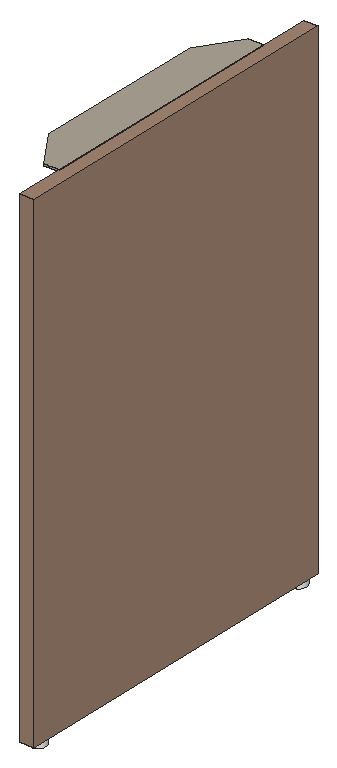
Revit family "Support-Teknion-CEWHG_Countertop_Gable-R2022", category Furniture, Revit 2023
Family settings
  OmniClass Number = 23.40.20.00
  OmniClass Title = General Furniture and Specialties
  Work Plane-Based = No
  Enable Cutting in Views = No
  Always vertical = Yes
  Cut with Voids When Loaded = No
  Render Appearance Source = Family Geometry
  Shared = Yes
  Room Calculation Point = No
Parameters (values of type "35" Height")
  Warranty = "http://www.teknion.com/ca/papers/legal-canada"
  Unit Weight URL = "http://www.teknion.com/ca/tools/assets#&asset=bee6a381-b954-425e-8283-5a2de3a804f2,f828d448-4b62-4231-9e5f-9a8991c0ed77"
  URL = "www.teknion.com"
  To render please download texture images found here [instance] = "https://assets.teknion.com/web/5e81352c1dfdb467/revit-material-swatches/"
  Sustainability Data = "https://www.teknion.com/ca/tools/assets#&topic=216f99a5-57a0-44fc-b10a-9dee9b29ae4c&asset=444deb64-fe58-4b68-981e-f75e97781df7,b4ff2d81-9f2e-437d-9659-7cffb09c31cf"
  Series = "Expansion Casework+"  # constant formula
  Product Page URL = "https://www.teknion.com/ca//products/product-details?productLineId=30ca1270-8e7a-673b-a6c8-ff05004460c4"
  Product Line = "Countertops & Supports"  # constant formula
  Product Documentation Link = "https://www.teknion.com/pricing/expansion-casework/pdfs/CEWHG_ppg.pdf"
  Part Number = "CEWHG"  # constant formula
  Mounting Bracket Finish [instance] = Paint - Teknion - Foundation - Earth
  Model = "CEWHG_35"
  Manufacturer Phone = "416-661-3370"  # constant formula
  Manufacturer Fax = "416.661.4586"  # constant formula
  Manufacturer Contact Information = "http://www.teknion.com/ca/contactus"
  Manufacturer Address = "1150 Flint Road, Toronto, ON. M3J 2J5. Canada"  # constant formula
  Manufacturer = "Teknion"  # constant formula
  How To Use Teknion Materials User Guide [instance] = "https://assets.teknion.com/m/205dd0a49fa58060/original/How-to-add-a-Material-Library-and-Texture-Images-to-your-Revit-project.pdf"
  Height = 35.000"
  Gable Finish [instance] = Foundation Laminate - Teknion - 2E - Estate Cherry
  For Additional Finishes please visit [instance] = "https://assets.teknion.com/m/44a8009b046e5d47/original/Teknion_Materials_Library.zip"
  Dim 1 [instance] = if(Depth = 25.000", 3.500", if(Depth = 29.000", 2.500", 3.000"))  # 3.500"
  Description = "Countertop Gable, 35\" Height"
  Depth [instance] = 25.000"
  Default Elevation = 0.000"
  Available Height = "32 & 35 Inch"  # constant formula
  Available Depth [instance] = "24, 25, 29 & 30 Inch"  # constant formula
  Assembly Code = "E2020200"
Types (3): name | Mounting Bracket Finish | Model | Height | Gable Finish | Description
  (no name) | Paint - Teknion - Foundation - Earth | "CEWHG_35" | 35.000" | Foundation Laminate - Teknion - 2E - Estate Cherry | "Countertop Gable, 35\" Height"
  35" Height | Paint - Teknion - Foundation - Earth | "CEWHG_35" | 35.000" | Foundation Laminate - Teknion - 2E - Estate Cherry | "Countertop Gable, 35\" Height"
  32" Height | Paint - Teknion - Mica - Anthracite | "CEWHG_32" | 32.000" | Source Laminate - Teknion - 3M - Provincial Oak | "Countertop Gable, 32\" Height"
Reference planes (in)
  plane 1 "Center Front/Back": y = -15
  plane 2: z = 0
  plane 3 "Center Left/Right": x = -0.97638
  plane 4 "Left": x = -2.95276
  plane 5 "Right": x = 1
  plane 6 "Back": y = -2.5
  plane 7 "Front": y = -27.5
  plane 8 "Top": z = 35
  plane 9: z = 0.37795
Forms (in)
  Sweep 1, solid, material "Metal - Teknion - C6 - Chrome"
    path origin (0, -15, 0) x (1, 0, 0) y (0, 0, 1)
      loop
        line (-0.97638, 0.37795) -> (-0.97638, 0)
    profile origin (-0.97638, -15, 0.18898) x (0, -1, 0) y (1, 0, 0)
      loop
        circle (-11.5, 1.47638) r 0.5
      loop
        circle (11.5, 1.47638) r 0.5
  Sweep 2, solid, material "Foundation Laminate - Teknion - 2E - Estate Cherry" <- "Gable Finish"
    path origin (0, -15, 0) x (1, 0, 0) y (0, 0, 1)
      loop
        line (-0.97638, 35) -> (-0.97638, 0.37795)
    profile origin (-0.97638, -15, 17.68898) x (0, -1, 0) y (1, 0, 0)
      loop
        line (-12.5, 1.97638) -> (-12.5, 0.97638) -> (12.5, 0.97638) -> (12.5, 1.97638) -> (-12.5, 1.97638)
  Sweep 3, solid, material "Paint - Teknion - Foundation - Earth" <- "Mounting Bracket Finish"
    path origin (0, -15, 0) x (1, 0, 0) y (0, 0, 1)
      loop
        line (-0.97638, 35) -> (-0.97638, 34.88189)
    profile origin (-0.97638, -15, 34.94094) x (0, -1, 0) y (1, 0, 0)
      loop
        line (-9, -0.13386) -> (-6.23622, -1.97638) -> (6.23622, -1.97638) -> (9, -0.13386) -> (9, 0.97638) -> (-9, 0.97638) -> (-9, -0.13386)
  Sweep 4, solid, material "Paint - Teknion - Foundation - Earth" <- "Mounting Bracket Finish"
    path origin (0, 0, 0) x (1, 0, 0) y (0, 1, 0)
      loop
        line (0, -15) -> (-0.11811, -15)
    profile origin (-0.05906, -15, 0) x (0, -1, 0) y (0, 0, 1)
      loop
        line (-6.23622, 32.04724) -> (6.23622, 32.04724) -> (9, 33.88976) -> (9, 34.88189) -> (-9, 34.88189) -> (-9, 33.88976) -> (-6.23622, 32.04724)
Cuts and joins
  joined: Sweep 3, Sweep 4
Lines and regions (in)
  Masking region 1
    outline origin (0, 0, 0) x (1, 0, 0) y (0, 1, 0)
      loop
        line (1, -2.5) -> (0, -2.5) -> (0, -27.5) -> (1, -27.5) -> (1, -2.5)
  Masking region 2
    outline origin (0, 0, 0) x (1, 0, 0) y (0, 1, 0)
      loop
        line (0, -6) -> (-1.11024, -6) -> (-2.95276, -8.76378) -> (-2.95276, -21.23622) -> (-1.11024, -24) -> (0, -24) -> (0, -6)
  reference lines
    curve 1: line (-2.95276, -2.5, 0) -> (1, -2.5, 0)
    curve 2: line (-2.95276, -2.5, 0) -> (-2.95276, -27.5, 0)
    curve 3: line (-2.95276, -27.5, 0) -> (1, -27.5, 0)
    curve 4: line (1, -2.5, 0) -> (1, -27.5, 0)
  symbolic lines, style "FurnitureHiddenLines", detail levels medium+fine
    curve 5: line (-0.11811, -6, 0) -> (-0.11811, -24, 0)
    curve 6: line (-0.11811, -8.76378, 0) -> (0, -8.76378, 0)
    curve 7: line (-0.11811, -21.23622, 0) -> (0, -21.23622, 0)
  symbolic lines, style "FurnitureHiddenLines", detail levels fine
    curve 8: arc (0.5, -4, 0) -> (1, -3.5, 0) -> (0.5, -3, 0) r 0.5
    curve 9: arc (0.5, -3, 0) -> (0, -3.5, 0) -> (0.5, -4, 0) r 0.5
    curve 10: arc (0.5, -27, 0) -> (1, -26.5, 0) -> (0.5, -26, 0) r 0.5
    curve 11: arc (0.5, -26, 0) -> (0, -26.5, 0) -> (0.5, -27, 0) r 0.5
Dimensions and locks (in)
  locked: plane 4 "Left" to plane 5 "Right" at 3.95276
  "Depth": plane 6 "Back" to plane 7 "Front"
  "Height": plane 8 "Top" to level
  equal spacing: plane 6 "Back", plane 1 "Center Front/Back", plane 7 "Front"
  equal spacing: plane 4 "Left", plane 3 "Center Left/Right", plane 5 "Right"
  locked: plane 9 to plane 2 at 0.37795
  locked: plane 7 "Front" to Sweep 1 sketch curve at 1
  locked: plane 6 "Back" to Sweep 1 sketch curve at 1
  locked: Sweep 1 sketch curve to plane 5 "Right" at 0.5  (x2)
  locked: Sweep 2 sketch curve to plane 5 "Right" at 1
  locked: plane 8 "Top" to Sweep 3 sketch curve at 0.11811
  locked: Sweep 3 sketch curve to Sweep 3 sketch curve at 2.76378  (x2)
  plane 4 "Left" to Sweep 3 sketch curve to Sweep 3 sketch curve = 1.84252" locked, 0.000" locked
  locked: Sweep 3 sketch curve to plane 5 "Right" at 1
  Sweep 4 sketch curve to Sweep 4 sketch curve to plane 5 "Right" = 0.11811" locked, 1.000" locked
  plane 8 "Top" to Sweep 4 sketch curve to Sweep 4 sketch curve to Sweep 4 sketch curve = 1.11024" locked, 0.000" locked, 1.84252" locked
  locked: Sweep 4 sketch curve to Sweep 4 sketch curve at 2.76378  (x2)
  "Dim 1": plane 7 "Front" to Sweep 3 sketch curve
  "Dim 1": plane 6 "Back" to Sweep 3 sketch curve
  "Dim 1": plane 7 "Front" to Sweep 4 sketch curve
  "Dim 1": Sweep 4 sketch curve to plane 6 "Back"
  locked: nested 3 to plane 5 "Right" at 1
  locked: nested 1 to plane 5 "Right" at 1
  aligned and locked: level to plane 2
  aligned and locked: Sweep 1 sketch curve to plane 3 "Center Left/Right"
  aligned and locked: plane 9 to Sweep 1 sketch curve
  aligned and locked: plane 2 to Sweep 1 sketch curve
  aligned and locked: Sweep 2 sketch curve to plane 3 "Center Left/Right"
  aligned and locked: plane 8 "Top" to Sweep 2 sketch curve
  aligned and locked: plane 9 to Sweep 2 sketch curve
  aligned and locked: Sweep 2 sketch curve to plane 6 "Back"
  aligned and locked: Sweep 2 sketch curve to plane 5 "Right"
  aligned and locked: plane 7 "Front" to Sweep 2 sketch curve
  aligned and locked: Sweep 3 sketch curve to plane 3 "Center Left/Right"
  aligned and locked: plane 8 "Top" to Sweep 3 sketch curve
  aligned and locked: Sweep 3 sketch curve to plane 4 "Left"
  aligned and locked: Sweep 4 sketch curve to plane 1 "Center Front/Back"
  aligned and locked: curve 1 to plane 6 "Back"
  aligned and locked: curve 2 to plane 4 "Left"
  aligned and locked: curve 3 to plane 7 "Front"
  aligned and locked: plane 5 "Right" to curve 4
  aligned and locked: Masking region 1 sketch curve to Sweep 2  (x3)
  aligned and locked: Sweep 2 to Masking region 1 sketch curve
  aligned and locked: Masking region 2 sketch curve to cut or joined group of Sweep 3, Sweep 4  (x6)
  aligned and locked: curve 5 to cut or joined group of Sweep 3, Sweep 4
  aligned and locked: curve 6 to cut or joined group of Sweep 3, Sweep 4
  aligned and locked: curve 7 to cut or joined group of Sweep 3, Sweep 4
  aligned and locked: curve 8 to Sweep 1
  aligned and locked: curve 9 to Sweep 1
  aligned and locked: curve 10 to Sweep 1
  aligned and locked: curve 11 to Sweep 1
  aligned and locked: plane 7 "Front" to nested 4
  aligned and locked: nested 4 to plane 5 "Right"
  aligned and locked: nested 2 to plane 5 "Right"
  aligned and locked: nested 2 to plane 6 "Back"
  aligned and locked: nested 1 to plane 6 "Back"
  aligned and locked: plane 7 "Front" to nested 3
Automatic sketch dimensions
  Sweep 1 sketch curve to Sweep 1 sketch curve = 0.500"  (x2)
  Sweep 1 sketch curve to Sweep 1 sketch curve = 0.000"  (x4)
  Sweep 4 sketch curve to Sweep 4 sketch curve = 0.99213"
  curve 6 to curve 6 = 0.11811"
  curve 6 to curve 5 = 2.76378"
  curve 7 to curve 7 = 0.11811"
  curve 5 to curve 7 = 2.76378"
  curve 8 to curve 8 = 0.000"  (x2)
  curve 10 to curve 10 = 0.000"  (x2)
Nested families (in)
  nested 1: "Teknion_2D_Node_Family-R2016" at (0, -2.5, 0), type "Teknion_2D_Node_Family-R2016"
  nested 2: "Teknion_2D_Node_Family-R2016" at (1, -2.5, 0), type "Teknion_2D_Node_Family-R2016"
  nested 3: "Teknion_2D_Node_Family-R2016" at (0, -27.5, 0), type "Teknion_2D_Node_Family-R2016"
  nested 4: "Teknion_2D_Node_Family-R2016" at (1, -27.5, 0), type "Teknion_2D_Node_Family-R2016"
Definition of nested family "Teknion_2D_Node_Family-R2016"
  Reference planes (in)
    plane 1 "Center (Front/Back)": y = 0
    plane 2: z = 0
    plane 3 "Center (Left/Right)": x = 0
  Lines and regions (in)
    detail lines, in view "Ref. Level"
      curve 1: circle (0, 0, 0) r 1.25 normal (0, 0, 1)
      curve 2: line (1.91508, -1.91508, 0) -> (-1.91508, 1.91508, 0)
      curve 3: line (-1.91508, -1.91508, 0) -> (1.91508, 1.91508, 0)
